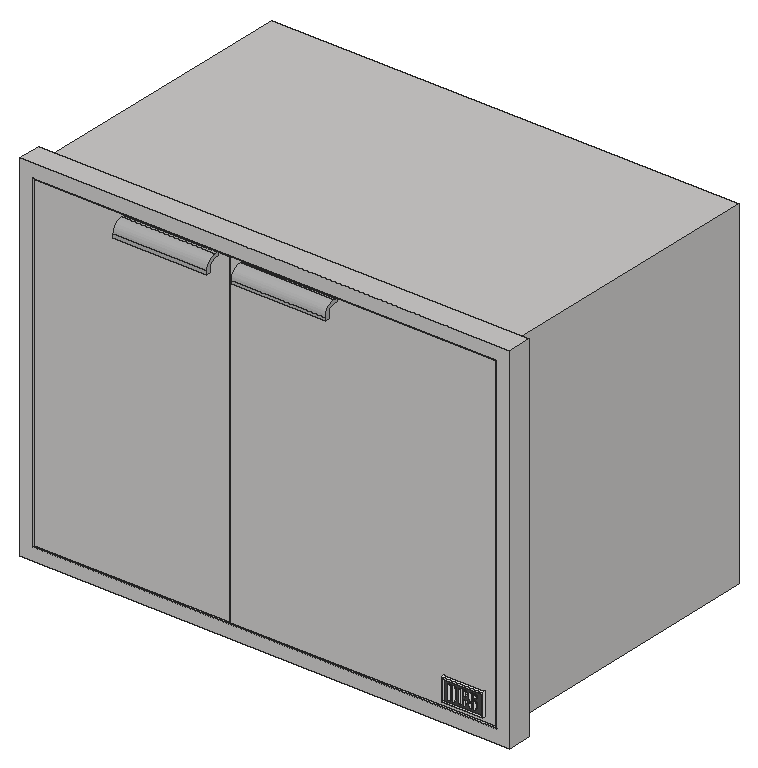
Revit family "DCS_Revit_18_DP1-42_Storage_593515A", category Specialty Equipment, Revit 2018
Family settings
  Round Connector Dimension = Use Diameter
  Part Type = Normal
  OmniClass Number = 23.40.40.14.17.21
  OmniClass Title = Grills
  Work Plane-Based = No
  Always vertical = Yes
  Cut with Voids When Loaded = Yes
  Shared = No
  Room Calculation Point = No
Parameters (values of type "DP1-42")
  Visibility - Clearance Required = yes
  URL = "www.dcsappliances.com"
  Product - Width = 1066 mm  # constant formula
  Product - Height = 775 mm  # constant formula
  Product - Depth = 682 mm  # constant formula
  Model = "DP1-42"
  Material - Handle = DCS - Aluminium
  Material - Body = DCS - Stainless Steel
  Manufacturer = "Fisher & Paykel"
  Keynote = ""
  Description = "42\" Dry Pantry"
  Chassis - Width = 1016 mm  # constant formula
  Chassis - Height = 507 mm  # constant formula
  Chassis - Depth = 601 mm  # constant formula
  Cavity - Width = 1026 mm  # constant formula
  Cavity - Height = 741 mm  # constant formula
  Cavity - Depth = 603 mm  # constant formula
Reference planes
  plane 1 "Center (Front/Back)": y = 0
  plane 2: z = 0
  plane 3 "Center (Left/Right)": x = 0
  plane 4 "Cavity - Height": z = 745
  plane 5 "Product LHS": x = -533
  plane 6 "Product RHS": x = 533
  plane 7 "Product - Depth": y = 601
  plane 8 "Cavity LHS": x = -513
  plane 9 "Cavity RHS": x = 513
  plane 10 "Cavity - Depth": y = 603
  plane 11 "Product - Front": y = -81
  plane 12 "Chassis LHS": x = -508
  plane 13 "Chassis RHS": x = 508
  plane 14 "Product - Height": z = 750
  plane 15 "Chassis - Height": z = 741
  plane 16 "Product - Lower": z = -25
Forms (mm)
  Extrusion 1, solid, material "DCS - Stainless Steel" <- "Material - Body"
    sketch origin (0, 0, 0) x (1, 0, 0) y (0, 0, 1)
      loop
        line (-508, 741) -> (-508, 0) -> (508, 0) -> (508, 741) -> (-508, 741)
    from -601 to 0
  Extrusion 2, solid, material "DCS - Aluminium" <- "Material - Handle"
    sketch origin (0, 0, 0) x (0, 1, 0) y (0, 0, 1)
      loop
        arc (-56.834, 718.2) -> (-73.881, 711.554) -> (-81, 694.7) r 23.509
        line (-81, 694.7) -> (-81, 688.02) -> (-72.17, 688.02) -> (-72.17, 702.39)
        arc (-72.17, 702.39) -> (-66.093, 708.834) -> (-57.56, 711.21) r 16.51
        line (-57.56, 711.21) -> (-51, 711.21) -> (-51, 718.2) -> (-56.834, 718.2)
    from -306.2 to -102.2
  Extrusion 3, solid, material "DCS - Aluminium" <- "Material - Handle"
    sketch origin (0, 0, 0) x (0, 1, 0) y (0, 0, 1)
      loop
        arc (-56.834, 718.2) -> (-73.881, 711.554) -> (-81, 694.7) r 23.509
        line (-81, 694.7) -> (-81, 688.02) -> (-72.17, 688.02) -> (-72.17, 702.39)
        arc (-72.17, 702.39) -> (-66.093, 708.834) -> (-57.56, 711.21) r 16.51
        line (-57.56, 711.21) -> (-51, 711.21) -> (-51, 718.2) -> (-56.834, 718.2)
    from -49 to 155
  Extrusion 4, solid, material "DCS - Clearance Required", visible <- "Visibility - Clearance Required", detail levels coarse
    sketch origin (0, 0, 0) x (0, 1, 0) y (0, 0, 1)
      loop
        line (603, 745) -> (0, 745) -> (0, 0) -> (603, 0) -> (603, 745)
    from -513 to 513
  Extrusion 5, void
    sketch origin (0, 0, 0) x (0, 1, 0) y (0, 0, 1)
      loop
        line (603, 745) -> (0, 745) -> (0, 0) -> (603, 0) -> (603, 745)
    from -513 to 513
  Extrusion 6, solid, material "DCS - Stainless Steel" <- "Material - Body"
    sketch origin (0, 0, 0) x (1, 0, 0) y (0, 0, 1)
      loop
        line (-533, 750) -> (-533, -25) -> (533, -25) -> (533, 750) -> (-533, 750)
      loop
        line (501.2, 6.8) -> (501.2, 718.2) -> (-74, 718.2) -> (-74, 6.8) -> (501.2, 6.8)
      loop
        line (-77.2, 718.2) -> (-501.2, 718.2) -> (-501.2, 6.8) -> (-77.2, 6.8) -> (-77.2, 718.2)
      loop
        line (504.4, 721.4) -> (-504.4, 721.4) -> (-504.4, 3.6) -> (504.4, 3.6) -> (504.4, 721.4)
    from 0 to 51
  Extrusion 7, solid, material "DCS - Clearance Required", visible <- "Visibility - Clearance Required", detail levels coarse
    sketch origin (0, 0, 0) x (1, 0, 0) y (0, 1, 0)
      loop
        line (-77.2, -51) -> (-501.2, -51) -> (-801.013, -350.813)
        arc (-801.013, -350.813) -> (-338.942, -442.725) -> (-77.2, -51) r 424
      loop
        arc (-74, -51) -> (281.08, -582.416) -> (907.928, -457.728) r 575.2
        line (907.928, -457.728) -> (501.2, -51) -> (-74, -51)
    from 6.8 to 718.2
Text (mm)
  text "Due to ongoing product development, product details are subject to change without notice. \nPlease always refer to www.fisherpaykel.com for the most current product information. \n© Fisher & Paykel Appliances Ltd 2020" at (40.13, -602.118, 0), in view "Ref. Level (Plan)"
Dimensions and locks
  equal spacing: plane 5 "Product LHS", plane 3 "Center (Left/Right)", plane 6 "Product RHS"
  "Product - Width": plane 5 "Product LHS" to plane 6 "Product RHS"
  equal spacing: plane 8 "Cavity LHS", plane 3 "Center (Left/Right)", plane 9 "Cavity RHS"
  "Cavity - Width": plane 8 "Cavity LHS" to plane 9 "Cavity RHS"
  "Cavity - Depth": plane 10 "Cavity - Depth" to plane 1 "Center (Front/Back)"
  plane 4 "Cavity - Height" to level = 745 mm
  equal spacing: plane 12 "Chassis LHS", plane 3 "Center (Left/Right)", plane 13 "Chassis RHS"
  "Chassis - Width": plane 12 "Chassis LHS" to plane 13 "Chassis RHS"
  "Cavity - Height": plane 15 "Chassis - Height" to level
  locked: level to plane 16 "Product - Lower" at 25
  "Product - Height": plane 16 "Product - Lower" to plane 14 "Product - Height"
  plane 5 "Product LHS" to plane 6 "Product RHS" = 1066 mm
  "Chassis - Depth": plane 7 "Product - Depth" to plane 1 "Center (Front/Back)"
  "Product - Depth": plane 7 "Product - Depth" to plane 11 "Product - Front"
  aligned and locked: level to plane 2
  aligned and locked: Extrusion 1 sketch curve to plane 13 "Chassis RHS"
  aligned and locked: level to Extrusion 1 sketch curve
  aligned and locked: Extrusion 1 sketch curve to plane 12 "Chassis LHS"
  aligned and locked: Extrusion 1 sketch curve to plane 15 "Chassis - Height"
  aligned and locked: plane 1 "Center (Front/Back)" to Extrusion 1
  aligned and locked: plane 7 "Product - Depth" to Extrusion 1
  aligned and locked: plane 8 "Cavity LHS" to Extrusion 4
  aligned and locked: Extrusion 4 to plane 9 "Cavity RHS"
  aligned and locked: plane 10 "Cavity - Depth" to Extrusion 4
  aligned and locked: Extrusion 5 to plane 9 "Cavity RHS"
  aligned and locked: Extrusion 5 to Extrusion 4
  aligned and locked: plane 8 "Cavity LHS" to Extrusion 5
  aligned and locked: plane 10 "Cavity - Depth" to Extrusion 5
Automatic sketch dimensions
  Extrusion 2 sketch curve to plane 11 "Product - Front" = 0 mm
  plane 11 "Product - Front" to Extrusion 2 sketch curve = 8.83 mm
  Extrusion 2 sketch curve to Extrusion 2 sketch curve = 14.61 mm
  Extrusion 2 sketch curve to Extrusion 2 sketch curve = 0.069 mm
  Extrusion 2 sketch curve to Extrusion 2 sketch curve = 0.726 mm
  Extrusion 2 sketch curve to Extrusion 2 sketch curve = 6.56 mm
  Extrusion 2 sketch curve to plane 15 "Chassis - Height" = 52.98 mm
  Extrusion 2 sketch curve to Extrusion 2 sketch curve = 6.681 mm
  Extrusion 2 sketch curve to Extrusion 2 sketch curve = 0 mm
  Extrusion 2 sketch curve to Extrusion 2 sketch curve = 7.689 mm
  Extrusion 3 sketch curve to plane 11 "Product - Front" = 0 mm
  plane 11 "Product - Front" to Extrusion 3 sketch curve = 8.83 mm
  Extrusion 3 sketch curve to Extrusion 3 sketch curve = 14.61 mm
  Extrusion 3 sketch curve to Extrusion 3 sketch curve = 0.069 mm
  Extrusion 3 sketch curve to Extrusion 3 sketch curve = 0.726 mm
  Extrusion 3 sketch curve to Extrusion 3 sketch curve = 6.56 mm
  Extrusion 3 sketch curve to plane 15 "Chassis - Height" = 52.98 mm
  Extrusion 3 sketch curve to Extrusion 3 sketch curve = 6.681 mm
  Extrusion 3 sketch curve to Extrusion 3 sketch curve = 0 mm
  Extrusion 3 sketch curve to Extrusion 3 sketch curve = 7.689 mm
  Extrusion 4 sketch curve to plane 1 "Center (Front/Back)" = 0 mm
  Extrusion 4 sketch curve to level = 0 mm
  Extrusion 4 sketch curve to plane 10 "Cavity - Depth" = 0 mm
  Extrusion 4 sketch curve to plane 4 "Cavity - Height" = 0 mm
  Extrusion 5 sketch curve to plane 1 "Center (Front/Back)" = 0 mm
  Extrusion 5 sketch curve to level = 0 mm
  Extrusion 5 sketch curve to plane 10 "Cavity - Depth" = 0 mm
  Extrusion 5 sketch curve to plane 4 "Cavity - Height" = 0 mm
  plane 5 "Product LHS" to Extrusion 6 sketch curve = 0 mm
  plane 6 "Product RHS" to Extrusion 6 sketch curve = 0 mm
  Extrusion 6 sketch curve to plane 16 "Product - Lower" = 0 mm
  Extrusion 6 sketch curve to plane 14 "Product - Height" = 0 mm
  Extrusion 6 sketch curve to plane 12 "Chassis LHS" = 3.6 mm
  Extrusion 6 sketch curve to Extrusion 6 sketch curve = 3.2 mm  (x4)
  level to Extrusion 6 sketch curve = 6.8 mm
  Extrusion 6 sketch curve to plane 3 "Center (Left/Right)" = 77.2 mm
  plane 13 "Chassis RHS" to Extrusion 6 sketch curve = 6.8 mm
  level to Extrusion 6 sketch curve = 3.6 mm
  Extrusion 6 sketch curve to plane 15 "Chassis - Height" = 22.8 mm
  Extrusion 6 sketch curve to Extrusion 6 sketch curve = 0 mm
  plane 13 "Chassis RHS" to Extrusion 6 sketch curve = 3.6 mm
  Extrusion 7 sketch curve to plane 12 "Chassis LHS" = 6.8 mm
  Extrusion 7 sketch curve to Extrusion 7 sketch curve = 0 mm  (x2)
  plane 11 "Product - Front" to Extrusion 7 sketch curve = 30 mm  (x2)
  Extrusion 7 sketch curve to plane 3 "Center (Left/Right)" = 77.2 mm
  plane 13 "Chassis RHS" to Extrusion 7 sketch curve = 6.8 mm
  Extrusion 7 sketch curve to plane 11 "Product - Front" = 269.813 mm
  Extrusion 7 sketch curve to Extrusion 7 sketch curve = 3.2 mm
  Extrusion 7 sketch curve to plane 11 "Product - Front" = 376.728 mm
Nested families
  nested 1: "DCS Logo New Large" at (433.491, -51, 42.5), type "DCS Logo New Large"
Definition of nested family "DCS Logo New Large"
  Parameters (values of type "DCS Logo New Large")
    URL = "www.dcsappliances.com"
    Product - Width = 89.45 mm
    Product - Height = 49 mm
    Product - Depth = 6 mm
    Material - Logo = none
    Material - Body = none
    Manufacturer = "Fisher & Paykel Appliances"
  Reference planes
    plane 1 "Center (Front/Back)": y = 0
    plane 2: z = 0
    plane 3 "Center (Left/Right)": x = 0
    plane 4 "Product Top": z = 24.5
    plane 5 "Product LHS": x = -44.725
    plane 6 "Product RHS": x = 44.725
    plane 7 "Product - Depth": y = -6
    plane 8 "Product Bottom": z = -24.5
  Forms (mm)
    Extrusion 1, solid, material <- "Material - Logo", detail levels medium+fine
      sketch origin (0, 0, -0.347) x (1, 0, 0) y (0, 0, 1)
        loop
          line (-44.725, 24.847) -> (-44.725, -24.153) -> (44.725, -24.153) -> (44.725, 24.847) -> (-44.725, 24.847)
        loop
          line (-41.725, 21.847) -> (-41.725, -21.153) -> (41.725, -21.153) -> (41.725, 21.847) -> (-41.725, 21.847)
      from 0 to 6
    Extrusion 2, solid, material <- "Material - Body", detail levels medium+fine
      sketch origin (0, 0, 0) x (1, 0, 0) y (0, 0, 1)
        loop
          line (-41.725, 21.5) -> (-41.725, -21.5) -> (41.725, -21.5) -> (41.725, 21.5) -> (-41.725, 21.5)
      from 0 to 4.974
    Extrusion 3, solid, material <- "Material - Logo", detail levels fine
      sketch origin (0, 0, 0) x (1, 0, 0) y (0, 0, 1)
        loop
          line (-31.141, 15.364) -> (-31.141, -15.364) -> (-25.323, -15.364) -> (-25.323, 15.364) -> (-31.141, 15.364)
        loop
          arc (-20.07, -15.416) -> (-15.93, -13.415) -> (-14.252, -9.134) r 6.301
          line (-14.252, -9.134) -> (-14.252, 9.134)
          arc (-14.252, 9.134) -> (-15.93, 13.414) -> (-20.07, 15.412) r 6.296
          line (-20.07, 15.412) -> (-20.07, -15.416)
        loop
          arc (-8.445, -9.134) -> (-6.767, -13.414) -> (-2.627, -15.412) r 6.296
          line (-2.627, -15.412) -> (-2.627, 15.416)
          arc (-2.627, 15.416) -> (-6.767, 13.415) -> (-8.445, 9.134) r 6.301
          line (-8.445, 9.134) -> (-8.445, -9.134)
        loop
          arc (2.627, -15.377) -> (6.765, -13.401) -> (8.445, -9.134) r 6.259
          line (8.445, -9.134) -> (8.445, -4.011) -> (2.627, -4.011) -> (2.627, -15.377)
        loop
          arc (8.445, 9.134) -> (6.767, 13.414) -> (2.627, 15.412) r 6.296
          line (2.627, 15.412) -> (2.627, 4.011) -> (8.445, 4.011) -> (8.445, 9.134)
        loop
          line (20.07, -2.527) -> (20.07, 15.375)
          arc (20.07, 15.375) -> (15.932, 13.4) -> (14.252, 9.134) r 6.257
          line (14.252, 9.134) -> (14.252, 4.145)
          arc (14.252, 4.145) -> (16.005, -0.199) -> (20.07, -2.527) r 7.155
        loop
          line (14.252, -6.875) -> (14.252, -9.134)
          arc (14.252, -9.134) -> (15.93, -13.414) -> (20.07, -15.412) r 6.296
          line (20.07, -15.412) -> (20.07, -6.875) -> (14.252, -6.875)
        loop
          line (25.323, 2.499) -> (25.323, -15.378)
          arc (25.323, -15.378) -> (29.461, -13.401) -> (31.141, -9.134) r 6.259
          line (31.141, -9.134) -> (31.141, -4.145)
          arc (31.141, -4.145) -> (29.481, 0.271) -> (25.323, 2.499) r 6.702
        loop
          line (25.323, 6.875) -> (31.141, 6.875) -> (31.141, 9.134)
          arc (31.141, 9.134) -> (29.464, 13.419) -> (25.323, 15.427) r 6.313
          line (25.323, 15.427) -> (25.323, 6.875)
      from 4.974 to 6
  Dimensions and locks
    plane 7 "Product - Depth" to plane 1 "Center (Front/Back)" = 6 mm
    equal spacing: Extrusion 1 sketch curve, plane 3 "Center (Left/Right)", Extrusion 1 sketch curve
    "Product - Depth": plane 7 "Product - Depth" to plane 1 "Center (Front/Back)"
    equal spacing: plane 4 "Product Top", level, plane 8 "Product Bottom"
    "Product - Height": plane 4 "Product Top" to plane 8 "Product Bottom"
    equal spacing: plane 5 "Product LHS", plane 3 "Center (Left/Right)", plane 6 "Product RHS"
    "Product - Width": plane 5 "Product LHS" to plane 6 "Product RHS"
    aligned and locked: level to plane 2
    aligned and locked: Extrusion 1 to plane 7 "Product - Depth"
    aligned and locked: Extrusion 3 to plane 7 "Product - Depth"
    aligned and locked: plane 6 "Product RHS" to Extrusion 1 sketch curve
    aligned and locked: Extrusion 1 sketch curve to plane 4 "Product Top"
    aligned and locked: plane 8 "Product Bottom" to Extrusion 1 sketch curve
    aligned and locked: Extrusion 1 sketch curve to plane 5 "Product LHS"
    aligned and locked: Extrusion 2 sketch curve to Extrusion 1  (x4)
  Automatic sketch dimensions
    Extrusion 3 sketch curve to plane 5 "Product LHS" = 13.584 mm
    Extrusion 3 sketch curve to Extrusion 3 sketch curve = 5.818 mm  (x5)
    Extrusion 3 sketch curve to Extrusion 3 sketch curve = 4.771 mm
    Extrusion 3 sketch curve to Extrusion 3 sketch curve = 4.775 mm
    Extrusion 3 sketch curve to Extrusion 3 sketch curve = 6.296 mm
    Extrusion 3 sketch curve to Extrusion 3 sketch curve = 5.807 mm  (x3)
    Extrusion 3 sketch curve to plane 3 "Center (Left/Right)" = 2.627 mm
    Extrusion 3 sketch curve to plane 3 "Center (Left/Right)" = 2.149 mm
    Extrusion 3 sketch curve to plane 3 "Center (Left/Right)" = 2.144 mm
    plane 3 "Center (Left/Right)" to Extrusion 3 sketch curve = 2.148 mm
    plane 3 "Center (Left/Right)" to Extrusion 3 sketch curve = 2.186 mm
    plane 3 "Center (Left/Right)" to Extrusion 3 sketch curve = 2.627 mm  (x2)
    Extrusion 3 sketch curve to level = 2.527 mm
    Extrusion 3 sketch curve to Extrusion 3 sketch curve = 0 mm  (x3)
    Extrusion 3 sketch curve to Extrusion 3 sketch curve = 0.439 mm
    Extrusion 3 sketch curve to Extrusion 3 sketch curve = 0.478 mm
    level to Extrusion 3 sketch curve = 4.504 mm
    Extrusion 3 sketch curve to Extrusion 3 sketch curve = 0.889 mm
    Extrusion 3 sketch curve to Extrusion 3 sketch curve = 4.369 mm
    Extrusion 3 sketch curve to Extrusion 3 sketch curve = 4.32 mm
    Extrusion 3 sketch curve to Extrusion 3 sketch curve = 4.334 mm
    Extrusion 3 sketch curve to Extrusion 3 sketch curve = 5.254 mm  (x3)
    Extrusion 3 sketch curve to Extrusion 3 sketch curve = 6.702 mm
    Extrusion 3 sketch curve to level = 4.011 mm
    Extrusion 3 sketch curve to level = 4.145 mm
    Extrusion 3 sketch curve to Extrusion 3 sketch curve = 2.865 mm
    Extrusion 3 sketch curve to Extrusion 3 sketch curve = 4.989 mm
    Extrusion 3 sketch curve to Extrusion 3 sketch curve = 5.123 mm  (x2)
    Extrusion 3 sketch curve to Extrusion 3 sketch curve = 2.259 mm  (x2)
    Extrusion 3 sketch curve to level = 9.134 mm
    Extrusion 3 sketch curve to Extrusion 3 sketch curve = 6.23 mm  (x2)
    level to Extrusion 3 sketch curve = 4.011 mm
    level to Extrusion 3 sketch curve = 6.875 mm
    level to Extrusion 3 sketch curve = 9.134 mm
    Extrusion 3 sketch curve to Extrusion 3 sketch curve = 4.63 mm
    Extrusion 1 sketch curve to plane 5 "Product LHS" = 3 mm
    Extrusion 1 sketch curve to plane 4 "Product Top" = 3 mm
    plane 8 "Product Bottom" to Extrusion 1 sketch curve = 3 mm
